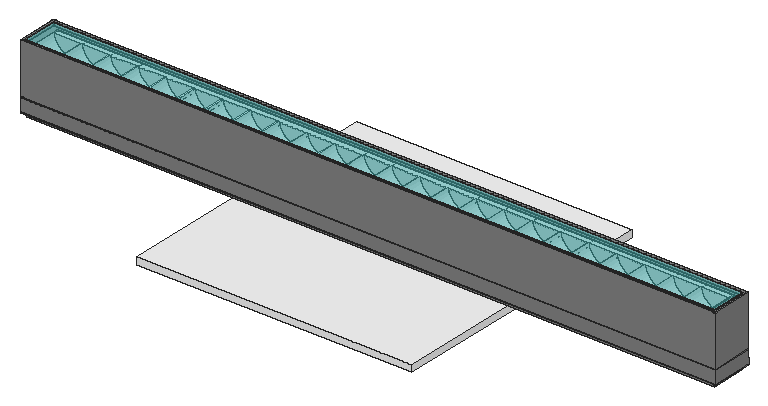
Revit family "BE_24316_de_DE", category Leuchten, Revit 2015
Parameters (values of type "BEGA_24316_Grafit_K4")
  built-in parameter 1150104 = 16.602 (stored number, unit not read)
  Wattage = 32 W
  Default Elevation = 0 mm
  built-in parameter 1150113 = 1 (stored number, unit not read)
  built-in parameter 1114218 = 1 (stored number, unit not read)
  Umgebungstemperatur = "25 °C"
  URL = "http://www.bega.de/produkt/24316"
  Typenkommentare = "© 2017 BEGA. Wir behalten uns das Recht vor, technische Änderungen ohne vorherige Ankündigung vorzunehmen."  # constant formula
  Type Image = 24316.png
  built-in parameter 1150134 = 12
  built-in parameter 1150109 = 1 (stored number, unit not read)
  Strom = ""
  built-in parameter 1150110 = 1 (stored number, unit not read)
  Spannung = 239.996 V
  Sonderanfertigung = no
  Seriennummer [instance] = "Hier können Sie die eindeutige Seriennummer für das Facility Management eintragen."
  Schutzklasse = "I"
  Schutzart = "IP 65"
  Scheinlast = 0 VA
  Produktdatenblatt = "http://www.bega.de/download/Xrfa/db/24316.db.de.pdf"
  Oberflächentemperatur = ""
  Neigungswinkel = 0.00°
  Modell = "24316K4"
  Material_17 = BEGA_Reflektor
  Material_15 = BEGA_Leuchtmedium_matt
  Material_11 = BEGA_Glas_opal
  Material_09 = BEGA_Glas_klar
  Material_06 = BEGA_Oberfläche_Edelstahl_gebürstet
  Material_05 = BEGA_Oberfläche_Aluminium Guss
  Material_03 = BEGA_Oberfläche_Weiss_matt
  Material_02 = BEGA_Oberfläche_Silber_matt
  Material_01 [instance] = BEGA_Oberfläche_Grafit_matt
  M_W = no
  M_G = yes
  M_A = no
  Logo = 0
  built-in parameter 1114217 = 1 (stored number, unit not read)
  built-in parameter 1150139 = (empty or 0)
  built-in parameter 1150105 = 455.06 (stored number, unit not read)
  built-in parameter 1150114 = 1 (stored number, unit not read)
  Lumens = 5718.4 lm
  built-in parameter 1150115 = 1 (stored number, unit not read)
  Leuchtenlichtstrom = "4052 lm"
  Leuchtenanzahl = ""
  Lebensdauerkriterien = "L70B50 @ 25 °C = 286000 h"
  Lastklassifizierung = Beleuchtung
  built-in parameter 1150112 = 1 (stored number, unit not read)
  Lampenlichtstrom = "5720 lm"
  Lampe = "LED 32 W"
  LED_Modulbezeichnung = "LED-0771/840"
  built-in parameter 1150142 = (empty or 0)
  Hersteller = "BEGA"  # constant formula
  Halbstreuwinkel = ""
  Gewicht = "6.25 kg"
  Gebrauchslageneinschränkung [instance] = ""
  Frequenz = "0/50-60 Hz"
  Farbwiedergabeindex = "Ra > 80"
  Farbtemperaturverschiebung bei Dämpfen der Lampe = <Keine Auswahl>
  Farbtemperatur = "4000 K"
  Color Filter = 16777215
  built-in parameter 1150133 = 10 (stored number, unit not read)
  Energieeffizienzklasse = "LED A++ - A"
  built-in parameter 1150137 = (empty or 0)
  built-in parameter 1150132 = (empty or 0)
  ENEC = ""
  Dimmbar [instance] = "DALI"
  Datei für fotometrisches Netz = "BE_24316K4.IES"
  CE_Konformität = "ja"
  Bestellnummer = "24316K4"
  Beschreibung_Sonderanfertigung = "Hier können Sie Informationen zur Sonderanfertigung eintragen."
  Beschreibung = "Deckenaufbau-Tiefstrahler"
  built-in parameter 1150106 = 4.5506 (stored number, unit not read)
  Befestigungsbohrung = "Ø 7 mm"
  Befestigungsabstand = "800 mm"
  Ballwurfsicher = ""
  BEGA_Intern_aus = yes
  BEGA_Intern_an = yes
  BEGA_Intern_Konstruktion = yes
  BEGA_Intern = yes
  BEGA_IES = yes
  BEGA_Dummy = no
  Anschlussleitung = ""
  Anschlussleistung [instance] = "36 W"
  Anschlusskasten = ""
  built-in parameter 1150107 = 4000 (stored number, unit not read)
  built-in parameter 1150102 = (empty or 0)
  built-in parameter 1150138 = (empty or 0)
  Aktualisierung = "2017-06-26T04:08:37"
  Abstand_zur_angestrahlten_Fläche [instance] = ""
  AC/DC = "AC/DC"
Types (2, lengths in mm): name | built-in parameter 1150104 | built-in parameter 1150134 | Modell | built-in parameter 1150105 | Lumens | Leuchtenlichtstrom | Lampenlichtstrom | LED_Modulbezeichnung | Farbtemperatur | Datei für fotometrisches Netz | Bestellnummer | built-in parameter 1150106 | built-in parameter 1150107
  BEGA_24316_Grafit_K4 | 16.602 (stored number, unit not read) | 12 | "24316K4" | 455.06 (stored number, unit not read) | 5718.4 lm | "4052 lm" | "5720 lm" | "LED-0771/840" | "4000 K" | "BE_24316K4.IES" | "24316K4" | 4.5506 (stored number, unit not read) | 4000 (stored number, unit not read)
  BEGA_24316_Grafit_K3 | 16.193 (stored number, unit not read) | (empty or 0) | "24316" | 443.85 (stored number, unit not read) | 5577.6 lm | "3953 lm" | "5580 lm" | "LED-0771/830" | "3000 K" | "BE_24316.IES" | "24316" | 4.4385 (stored number, unit not read) | 3000 (stored number, unit not read)
Reference planes
  plane 1 "Mitte (Vorne/Hinten)": y = 0
  plane 2: z = 0
  plane 3 "Mitte (Links/Rechts)": x = 0
  plane 4 "Links": x = -506
  plane 5 "Rechts": x = 506
  plane 6 "Unten": y = -30
  plane 7 "Oben": y = 30
  plane 8 "Vorne": z = 101
  plane 9 "Hinten": z = 0
Forms (mm)
  Extrusion 1, solid, material "BEGA_Platte_Weiss"
    sketch origin (0, -1119.2, 0) x (1, 0, 0) y (0, 1, 0)
      loop
        line (-200, 1319.2) -> (-200, 919.2) -> (200, 919.2) -> (200, 1319.2) -> (-200, 1319.2)
    from 0 to -10
  Extrusion 2, solid, material "BEGA_Dummy_matt", visible <- "BEGA_Dummy"
    sketch origin (80.095, -76.023, 0) x (1, 0, 0) y (0, 1, 0)
      loop
        line (-586.095, 106.023) -> (-586.095, 46.023) -> (425.905, 46.023) -> (425.905, 106.023) -> (-586.095, 106.023)
    from 0 to 101
Dimensions and locks
  plane 1 "Mitte (Vorne/Hinten)" to Extrusion 1 = 200 mm
  aligned and locked: plane 2 to Extrusion 1
  aligned and locked: level to Extrusion 1
Nested families
  nested 1: "BE_24316" at (0, 0, 0), type "BE_24316"
Connectors
  electrical at (0, 0, 0), driven by "Lastklassifizierung", driven by "Spannung", driven by "Scheinlast"
    settings: index 1, voltage 239.996 V, apparent load 0 VA, apparent load phase1 0 VA, apparent load phase2 0 VA, apparent load phase3 0 VA, power factor 1, load classification "Beleuchtung", number of poles 1, system type 31, power factor state 1, is connector primary yes, connector utility no, sub classification motor no, connector description ""
Definition of nested family "BE_24316"
  Parameters (values of type "BE_24316")
    Default Elevation = 1 mm
    URL = "http://www.bega.de/de/produkt"
    Type Comments = "© 2015 BEGA. Wir behalten uns das Recht vor, technische Änderungen ohne vorherige Ankündigung vorzunehmen. "  # constant formula
    Type Image = (empty or 0)
    Neigungswinkel_um_Z2 = 0.00°
    Neigungswinkel_um_Z1 = 0.00°
    Neigungswinkel_um_Y2 = 0.00°
    Neigungswinkel_um_Y1 = 0.00°
    Neigungswinkel_um_X2 = 0.00°
    Neigungswinkel_um_X1 = 0.00°
    Material_17 = none
    Material_15 = none
    Material_11 = none
    Material_09 = none
    Material_06 = none
    Material_05 = none
    Material_03 = none
    Material_02 = none
    Material_01 = none
    M_W = yes
    M_G = yes
    M_A = yes
    Länge_Platte = 1200 mm  # constant formula
    Höhe_Platte = -10 mm  # constant formula
    Manufacturer = "BEGA"  # constant formula
    Drehwinkel_um_Z2 = 0.00°
    Drehwinkel_um_Z1 = 0.00°
    Breite_Platte = 200 mm  # constant formula
  Reference planes
    plane 1 "Mitte (Oben/Unten)": y = 0
    plane 2: z = 0
    plane 3 "Mitte (Links/Rechts)": x = 0
    plane 4: z = 101
    plane 5: y = 30
    plane 6: y = -30
    plane 7: x = -506
    plane 8: x = 506
  Forms (mm)
    Extrusion 1, solid, detail levels medium
      sketch origin (0, 0, 0) x (1, 0, 0) y (0, 1, 0)
        loop
          line (-600, 100) -> (-600, -100) -> (600, -100) -> (600, 100) -> (-600, 100)
      from 0 to -10 <- "Höhe_Platte"
    Extrusion 2, solid, material <- "Material_17", detail levels medium+fine
      sketch origin (0, 0, 0) x (1, 0, 0) y (0, 0, 1)
        loop
          line (-219.896, 71.065) -> (-217.905, 71.065)
          arc (-217.905, 71.065) -> (-209.513, 79.101) -> (-205.033, 89.821) r 28.453
          arc (-205.033, 89.821) -> (-200.531, 79.07) -> (-192.095, 71.026) r 28.448
          line (-192.095, 71.026) -> (-190.104, 71.026)
          arc (-190.104, 71.026) -> (-200.884, 81.497) -> (-204.535, 96.076) r 27.451
          line (-204.535, 96.076) -> (-205.537, 96.076)
          arc (-205.537, 96.076) -> (-209.167, 81.533) -> (-219.896, 71.065) r 27.451
        loop
          arc (-231.11, 71.026) -> (-241.883, 81.493) -> (-245.534, 96.064) r 27.449
          line (-245.534, 96.064) -> (-246.421, 96.064)
          arc (-246.421, 96.064) -> (-250.067, 81.523) -> (-260.809, 71.066) r 27.448
          line (-260.809, 71.066) -> (-258.842, 71.066)
          arc (-258.842, 71.066) -> (-250.41, 79.217) -> (-245.979, 90.076) r 28.466
          arc (-245.979, 90.076) -> (-241.539, 79.189) -> (-233.077, 71.026) r 28.467
          line (-233.077, 71.026) -> (-231.11, 71.026)
        loop
          arc (245.487, 96.076) -> (241.847, 81.515) -> (231.092, 71.045) r 27.451
          line (231.092, 71.045) -> (233.084, 71.045)
          arc (233.084, 71.045) -> (241.527, 79.128) -> (246.008, 89.923) r 28.451
          arc (246.008, 89.923) -> (250.453, 79.153) -> (258.842, 71.066) r 28.466
          line (258.842, 71.066) -> (260.809, 71.066)
          arc (260.809, 71.066) -> (250.064, 81.528) -> (246.421, 96.076) r 27.448
          line (246.421, 96.076) -> (245.487, 96.076)
        loop
          arc (-176.905, 71.026) -> (-168.516, 79.04) -> (-164.018, 89.734) r 28.485
          arc (-164.018, 89.734) -> (-159.507, 79.033) -> (-151.095, 71.026) r 28.447
          line (-151.095, 71.026) -> (-149.107, 71.026)
          arc (-149.107, 71.026) -> (-159.887, 81.497) -> (-163.538, 96.076) r 27.451
          line (-163.538, 96.076) -> (-164.537, 96.076)
          arc (-164.537, 96.076) -> (-168.157, 81.51) -> (-178.896, 71.026) r 27.452
          line (-178.896, 71.026) -> (-176.905, 71.026)
        loop
          arc (-108.107, 71.026) -> (-118.887, 81.497) -> (-122.538, 96.076) r 27.451
          line (-122.538, 96.076) -> (-123.54, 96.076)
          arc (-123.54, 96.076) -> (-127.17, 81.533) -> (-137.899, 71.065) r 27.451
          line (-137.899, 71.065) -> (-135.908, 71.065)
          arc (-135.908, 71.065) -> (-127.516, 79.101) -> (-123.036, 89.821) r 28.453
          arc (-123.036, 89.821) -> (-118.534, 79.07) -> (-110.098, 71.026) r 28.448
          line (-110.098, 71.026) -> (-108.107, 71.026)
        loop
          line (-96.899, 71.065) -> (-94.908, 71.065)
          arc (-94.908, 71.065) -> (-86.517, 79.099) -> (-82.037, 89.818) r 28.453
          arc (-82.037, 89.818) -> (-77.535, 79.068) -> (-69.1, 71.026) r 28.448
          line (-69.1, 71.026) -> (-67.108, 71.026)
          arc (-67.108, 71.026) -> (-77.889, 81.497) -> (-81.539, 96.076) r 27.451
          line (-81.539, 96.076) -> (-82.54, 96.076)
          arc (-82.54, 96.076) -> (-86.17, 81.533) -> (-96.899, 71.065) r 27.451
        loop
          arc (55.889, 71.045) -> (45.134, 81.515) -> (41.494, 96.076) r 27.451
          line (41.494, 96.076) -> (40.492, 96.076)
          arc (40.492, 96.076) -> (36.851, 81.515) -> (26.097, 71.045) r 27.451
          line (26.097, 71.045) -> (28.088, 71.045)
          arc (28.088, 71.045) -> (36.502, 79.085) -> (40.993, 89.821) r 28.451
          arc (40.993, 89.821) -> (45.484, 79.085) -> (53.898, 71.045) r 28.451
          line (53.898, 71.045) -> (55.889, 71.045)
        loop
          line (67.097, 71.045) -> (69.088, 71.045)
          arc (69.088, 71.045) -> (77.501, 79.084) -> (81.992, 89.818) r 28.451
          arc (81.992, 89.818) -> (86.483, 79.084) -> (94.896, 71.045) r 28.451
          line (94.896, 71.045) -> (96.887, 71.045)
          arc (96.887, 71.045) -> (86.133, 81.515) -> (82.492, 96.076) r 27.451
          line (82.492, 96.076) -> (81.492, 96.076)
          arc (81.492, 96.076) -> (77.851, 81.515) -> (67.097, 71.045) r 27.451
        loop
          arc (14.886, 71.045) -> (4.133, 81.515) -> (0.494, 96.076) r 27.451
          line (0.494, 96.076) -> (-0.505, 96.076)
          arc (-0.505, 96.076) -> (-4.146, 81.506) -> (-14.9, 71.024) r 27.487
          line (-14.9, 71.024) -> (-12.912, 71.024)
          arc (-12.912, 71.024) -> (-4.497, 79.072) -> (-0.005, 89.816) r 28.486
          arc (-0.005, 89.816) -> (4.486, 79.083) -> (12.898, 71.045) r 28.449
          line (12.898, 71.045) -> (14.886, 71.045)
        loop
          line (-55.9, 71.065) -> (-53.909, 71.065)
          arc (-53.909, 71.065) -> (-45.519, 79.099) -> (-41.039, 89.816) r 28.453
          arc (-41.039, 89.816) -> (-36.536, 79.057) -> (-28.1, 71.004) r 28.485
          line (-28.1, 71.004) -> (-26.108, 71.004)
          arc (-26.108, 71.004) -> (-36.889, 81.488) -> (-40.539, 96.076) r 27.487
          line (-40.539, 96.076) -> (-41.541, 96.076)
          arc (-41.541, 96.076) -> (-45.172, 81.533) -> (-55.9, 71.065) r 27.451
        loop
          line (108.095, 71.045) -> (110.087, 71.045)
          arc (110.087, 71.045) -> (118.5, 79.085) -> (122.991, 89.821) r 28.451
          arc (122.991, 89.821) -> (127.482, 79.085) -> (135.896, 71.045) r 28.451
          line (135.896, 71.045) -> (137.887, 71.045)
          arc (137.887, 71.045) -> (127.133, 81.515) -> (123.492, 96.076) r 27.451
          line (123.492, 96.076) -> (122.49, 96.076)
          arc (122.49, 96.076) -> (118.85, 81.515) -> (108.095, 71.045) r 27.451
        loop
          line (149.098, 71.045) -> (151.086, 71.045)
          arc (151.086, 71.045) -> (159.5, 79.085) -> (163.99, 89.821) r 28.449
          arc (163.99, 89.821) -> (168.481, 79.085) -> (176.896, 71.045) r 28.449
          line (176.896, 71.045) -> (178.884, 71.045)
          arc (178.884, 71.045) -> (168.13, 81.515) -> (164.489, 96.076) r 27.451
          line (164.489, 96.076) -> (163.49, 96.076)
          arc (163.49, 96.076) -> (159.851, 81.515) -> (149.098, 71.045) r 27.451
        loop
          arc (219.884, 71.045) -> (209.13, 81.515) -> (205.489, 96.076) r 27.451
          line (205.489, 96.076) -> (204.487, 96.076)
          arc (204.487, 96.076) -> (200.847, 81.515) -> (190.092, 71.045) r 27.451
          line (190.092, 71.045) -> (192.084, 71.045)
          arc (192.084, 71.045) -> (200.498, 79.085) -> (204.988, 89.821) r 28.451
          arc (204.988, 89.821) -> (209.479, 79.085) -> (217.893, 71.045) r 28.451
          line (217.893, 71.045) -> (219.884, 71.045)
        loop
          arc (-272.023, 71.066) -> (-282.772, 81.527) -> (-286.418, 96.076) r 27.45
          line (-286.418, 96.076) -> (-287.42, 96.076)
          arc (-287.42, 96.076) -> (-291.06, 81.515) -> (-301.815, 71.045) r 27.451
          line (-301.815, 71.045) -> (-299.824, 71.045)
          arc (-299.824, 71.045) -> (-291.406, 79.09) -> (-286.917, 89.833) r 28.451
          arc (-286.917, 89.833) -> (-282.425, 79.102) -> (-274.014, 71.066) r 28.45
          line (-274.014, 71.066) -> (-272.023, 71.066)
        loop
          line (-315.014, 71.045) -> (-313.023, 71.045)
          arc (-313.023, 71.045) -> (-323.778, 81.515) -> (-327.418, 96.076) r 27.451
          line (-327.418, 96.076) -> (-328.417, 96.076)
          arc (-328.417, 96.076) -> (-332.058, 81.515) -> (-342.812, 71.045) r 27.451
          line (-342.812, 71.045) -> (-340.824, 71.045)
          arc (-340.824, 71.045) -> (-332.409, 79.085) -> (-327.918, 89.821) r 28.449
          arc (-327.918, 89.821) -> (-323.427, 79.085) -> (-315.014, 71.045) r 28.449
        loop
          line (-383.812, 71.045) -> (-381.821, 71.045)
          arc (-381.821, 71.045) -> (-373.407, 79.085) -> (-368.916, 89.821) r 28.451
          arc (-368.916, 89.821) -> (-364.425, 79.085) -> (-356.011, 71.045) r 28.451
          line (-356.011, 71.045) -> (-354.02, 71.045)
          arc (-354.02, 71.045) -> (-364.775, 81.515) -> (-368.415, 96.076) r 27.451
          line (-368.415, 96.076) -> (-369.417, 96.076)
          arc (-369.417, 96.076) -> (-373.058, 81.515) -> (-383.812, 71.045) r 27.451
        loop
          arc (-395.02, 71.045) -> (-405.775, 81.515) -> (-409.415, 96.076) r 27.451
          line (-409.415, 96.076) -> (-410.416, 96.076)
          arc (-410.416, 96.076) -> (-414.056, 81.515) -> (-424.811, 71.045) r 27.451
          line (-424.811, 71.045) -> (-422.819, 71.045)
          arc (-422.819, 71.045) -> (-414.407, 79.084) -> (-409.915, 89.818) r 28.451
          arc (-409.915, 89.818) -> (-405.424, 79.084) -> (-397.011, 71.045) r 28.451
          line (-397.011, 71.045) -> (-395.02, 71.045)
        loop
          arc (-436.019, 71.045) -> (-446.773, 81.515) -> (-450.414, 96.076) r 27.451
          line (-450.414, 96.076) -> (-451.416, 96.076)
          arc (-451.416, 96.076) -> (-455.056, 81.515) -> (-465.811, 71.045) r 27.451
          line (-465.811, 71.045) -> (-463.819, 71.045)
          arc (-463.819, 71.045) -> (-455.406, 79.085) -> (-450.915, 89.821) r 28.451
          arc (-450.915, 89.821) -> (-446.424, 79.085) -> (-438.01, 71.045) r 28.451
          line (-438.01, 71.045) -> (-436.019, 71.045)
        loop
          arc (-477.019, 71.045) -> (-487.773, 81.515) -> (-491.414, 96.076) r 27.451
          line (-491.414, 96.076) -> (-492.413, 96.076)
          arc (-492.413, 96.076) -> (-489.056, 81.768) -> (-479.007, 71.045) r 28.449
          line (-479.007, 71.045) -> (-477.019, 71.045)
        loop
          line (272.023, 71.066) -> (274.014, 71.066)
          arc (274.014, 71.066) -> (282.425, 79.102) -> (286.917, 89.833) r 28.45
          arc (286.917, 89.833) -> (291.406, 79.09) -> (299.824, 71.045) r 28.451
          line (299.824, 71.045) -> (301.815, 71.045)
          arc (301.815, 71.045) -> (291.06, 81.515) -> (287.42, 96.076) r 27.451
          line (287.42, 96.076) -> (286.418, 96.076)
          arc (286.418, 96.076) -> (282.772, 81.527) -> (272.023, 71.066) r 27.45
        loop
          arc (315.014, 71.045) -> (323.427, 79.085) -> (327.918, 89.821) r 28.449
          arc (327.918, 89.821) -> (332.409, 79.085) -> (340.824, 71.045) r 28.449
          line (340.824, 71.045) -> (342.812, 71.045)
          arc (342.812, 71.045) -> (332.058, 81.515) -> (328.417, 96.076) r 27.451
          line (328.417, 96.076) -> (327.418, 96.076)
          arc (327.418, 96.076) -> (323.778, 81.515) -> (313.023, 71.045) r 27.451
          line (313.023, 71.045) -> (315.014, 71.045)
        loop
          arc (383.812, 71.045) -> (373.058, 81.515) -> (369.417, 96.076) r 27.451
          line (369.417, 96.076) -> (368.415, 96.076)
          arc (368.415, 96.076) -> (364.775, 81.515) -> (354.02, 71.045) r 27.451
          line (354.02, 71.045) -> (356.011, 71.045)
          arc (356.011, 71.045) -> (364.425, 79.085) -> (368.916, 89.821) r 28.451
          arc (368.916, 89.821) -> (373.407, 79.085) -> (381.821, 71.045) r 28.451
          line (381.821, 71.045) -> (383.812, 71.045)
        loop
          line (395.02, 71.045) -> (397.011, 71.045)
          arc (397.011, 71.045) -> (405.424, 79.084) -> (409.915, 89.818) r 28.451
          arc (409.915, 89.818) -> (414.407, 79.084) -> (422.819, 71.045) r 28.451
          line (422.819, 71.045) -> (424.811, 71.045)
          arc (424.811, 71.045) -> (414.056, 81.515) -> (410.416, 96.076) r 27.451
          line (410.416, 96.076) -> (409.415, 96.076)
          arc (409.415, 96.076) -> (405.775, 81.515) -> (395.02, 71.045) r 27.451
        loop
          line (436.019, 71.045) -> (438.01, 71.045)
          arc (438.01, 71.045) -> (446.424, 79.085) -> (450.915, 89.821) r 28.451
          arc (450.915, 89.821) -> (455.406, 79.085) -> (463.819, 71.045) r 28.451
          line (463.819, 71.045) -> (465.811, 71.045)
          arc (465.811, 71.045) -> (455.056, 81.515) -> (451.416, 96.076) r 27.451
          line (451.416, 96.076) -> (450.414, 96.076)
          arc (450.414, 96.076) -> (446.773, 81.515) -> (436.019, 71.045) r 27.451
        loop
          line (477.019, 71.045) -> (479.007, 71.045)
          arc (479.007, 71.045) -> (489.056, 81.768) -> (492.413, 96.076) r 28.449
          line (492.413, 96.076) -> (491.414, 96.076)
          arc (491.414, 96.076) -> (487.773, 81.515) -> (477.019, 71.045) r 27.451
      from -21 to 21
    Sweep 3, solid, material <- "Material_01", detail levels medium+fine
      path origin (0, 0, 0) x (1, 0, 0) y (0, 1, 0)
        loop
          line (-506, 30) -> (-506, -30) -> (506, -30) -> (506, 30) -> (-506, 30)
      profile origin (0, 30, 0) x (0, 1, 0) y (0, 0, 1)
        loop
          line (-0.5, 101) -> (-3.044, 101) -> (-4.682, 96.5) -> (-8.994, 96.5) -> (-8.994, 94) -> (-2.8, 94) -> (-2.8, 26) -> (-0.5, 26)
          arc (-0.5, 26) -> (-0.146, 26.146) -> (0, 26.5) r 0.5
          line (0, 26.5) -> (0, 100.5)
          arc (0, 100.5) -> (-0.146, 100.854) -> (-0.5, 101) r 0.5
    Extrusion 4, solid, material <- "Material_01", detail levels medium+fine
      sketch origin (0, 0, 0) x (1, 0, 0) y (0, 0, 1)
        loop
          line (-492.413, 94) -> (-492.413, 96.5) -> (-498.789, 96.5) -> (-498.789, 94) -> (-492.413, 94)
        loop
          line (492.413, 94) -> (498.789, 94) -> (498.789, 96.5) -> (492.413, 96.5) -> (492.413, 94)
      from -22.05 to 22.05
    Extrusion 5, solid, material <- "Material_09", detail levels medium+fine
      sketch origin (0, 0, 0) x (0, 1, 0) y (0, 0, 1)
        loop
          line (25, 96.7) -> (25, 100.7) -> (-25, 100.7) -> (-25, 96.7) -> (25, 96.7)
      from -501.318 to 501.318
    Extrusion 6, solid, material <- "Material_15", detail levels medium+fine
      sketch origin (0, 13.25, 0) x (1, 0, 0) y (0, 1, 0)
        loop
          line (-228.7, 3.2) -> (-228.7, -3.2) -> (-222.3, -3.2) -> (-222.3, 3.2) -> (-228.7, 3.2)
        loop
          line (-187.7, 3.2) -> (-187.7, -3.2) -> (-181.3, -3.2) -> (-181.3, 3.2) -> (-187.7, 3.2)
        loop
          line (-146.703, 3.2) -> (-146.703, -3.2) -> (-140.303, -3.2) -> (-140.303, 3.2) -> (-146.703, 3.2)
        loop
          line (-105.703, 3.2) -> (-105.703, -3.2) -> (-99.303, -3.2) -> (-99.303, 3.2) -> (-105.703, 3.2)
        loop
          line (-64.704, 3.2) -> (-64.704, -3.2) -> (-58.304, -3.2) -> (-58.304, 3.2) -> (-64.704, 3.2)
        loop
          line (-23.704, 3.2) -> (-23.704, -3.2) -> (-17.304, -3.2) -> (-17.304, 3.2) -> (-23.704, 3.2)
        loop
          line (17.293, 3.2) -> (17.293, -3.2) -> (23.693, -3.2) -> (23.693, 3.2) -> (17.293, 3.2)
        loop
          line (58.293, 3.2) -> (58.293, -3.2) -> (64.693, -3.2) -> (64.693, 3.2) -> (58.293, 3.2)
        loop
          line (99.291, 3.2) -> (99.291, -3.2) -> (105.691, -3.2) -> (105.691, 3.2) -> (99.291, 3.2)
        loop
          line (140.291, 3.2) -> (140.291, -3.2) -> (146.691, -3.2) -> (146.691, 3.2) -> (140.291, 3.2)
        loop
          line (181.288, 3.2) -> (181.288, -3.2) -> (187.688, -3.2) -> (187.688, 3.2) -> (181.288, 3.2)
        loop
          line (222.288, 3.2) -> (222.288, -3.2) -> (228.688, -3.2) -> (228.688, 3.2) -> (222.288, 3.2)
        loop
          line (-269.7, 3.2) -> (-269.7, -3.2) -> (-263.3, -3.2) -> (-263.3, 3.2) -> (-269.7, 3.2)
        loop
          line (-310.7, 3.2) -> (-310.7, -3.2) -> (-304.3, -3.2) -> (-304.3, 3.2) -> (-310.7, 3.2)
        loop
          line (-351.7, 3.2) -> (-351.7, -3.2) -> (-345.3, -3.2) -> (-345.3, 3.2) -> (-351.7, 3.2)
        loop
          line (-392.7, 3.2) -> (-392.7, -3.2) -> (-386.3, -3.2) -> (-386.3, 3.2) -> (-392.7, 3.2)
        loop
          line (-433.7, 3.2) -> (-433.7, -3.2) -> (-427.3, -3.2) -> (-427.3, 3.2) -> (-433.7, 3.2)
        loop
          line (-474.7, 3.2) -> (-474.7, -3.2) -> (-468.3, -3.2) -> (-468.3, 3.2) -> (-474.7, 3.2)
        loop
          line (269.7, 3.2) -> (263.3, 3.2) -> (263.3, -3.2) -> (269.7, -3.2) -> (269.7, 3.2)
        loop
          line (310.7, 3.2) -> (304.3, 3.2) -> (304.3, -3.2) -> (310.7, -3.2) -> (310.7, 3.2)
        loop
          line (351.7, 3.2) -> (345.3, 3.2) -> (345.3, -3.2) -> (351.7, -3.2) -> (351.7, 3.2)
        loop
          line (392.7, 3.2) -> (386.3, 3.2) -> (386.3, -3.2) -> (392.7, -3.2) -> (392.7, 3.2)
        loop
          line (433.7, 3.2) -> (427.3, 3.2) -> (427.3, -3.2) -> (433.7, -3.2) -> (433.7, 3.2)
        loop
          line (474.7, 3.2) -> (468.3, 3.2) -> (468.3, -3.2) -> (474.7, -3.2) -> (474.7, 3.2)
      from 70 to 69.119
    Sweep 7, solid, material <- "Material_01", detail levels medium+fine
      path origin (0, 0, 0) x (1, 0, 0) y (0, 1, 0)
        loop
          line (506, 30) -> (-506, 30) -> (-506, -30) -> (506, -30) -> (506, 30)
      profile origin (0, 30, 0) x (0, -1, 0) y (0, 0, 1)
        loop
          arc (0, 6.5) -> (0.146, 6.146) -> (0.5, 6) r 0.5
          line (0.5, 6) -> (5, 6) -> (5, 0) -> (25, 0) -> (25, 10) -> (4, 10) -> (4, 26) -> (0, 26) -> (0, 6.5)
    Extrusion 8, solid, material <- "Material_01", detail levels medium+fine
      sketch origin (0, 0, 0) x (0, 1, 0) y (0, 0, 1)
        loop
          line (5, 10) -> (-5, 10) -> (-5, 0) -> (5, 0) -> (5, 10)
      from 484.291 to -481
    Extrusion 9, void
      sketch origin (0, 0, 0) x (1, 0, 0) y (0, 1, 0)
        loop
          arc (-80, 20) -> (-100, 0) -> (-80, -20) r 20
          line (-80, -20) -> (80, -20)
          arc (80, -20) -> (100, 0) -> (80, 20) r 20
          line (80, 20) -> (-80, 20)
        loop
          arc (395, 3.5) -> (391.5, 0) -> (395, -3.5) r 3.5
          line (395, -3.5) -> (405, -3.5)
          arc (405, -3.5) -> (408.5, 0) -> (405, 3.5) r 3.5
          line (405, 3.5) -> (395, 3.5)
        loop
          arc (-403.5, -5) -> (-400, -8.5) -> (-396.5, -5) r 3.5
          line (-396.5, -5) -> (-396.5, 5)
          arc (-396.5, 5) -> (-400, 8.5) -> (-403.5, 5) r 3.5
          line (-403.5, 5) -> (-403.5, -5)
      from 11.948 to -0.793
    Revolve 10, solid, material <- "Material_06", detail levels fine
      sketch origin (-300, 0, 0) x (0, 1, 0) y (0, 0, 1)
        loop
          line (30, 22.75) -> (30, 18.8) -> (32.2, 18.8) -> (32.2, 22.75) -> (30, 22.75)
        axis (30, 18.8) -> (32.2, 18.8)
      angle from 0 to 360
    Extrusion 11, solid, material <- "Material_17", detail levels medium+fine
      sketch origin (0, 0, 0) x (0, 1, 0) y (0, 0, 1)
        loop
          line (21, 96.045) -> (12.5, 96.045) -> (17.09, 71.045) -> (18.106, 71.045) -> (13.7, 95.045) -> (21, 95.045) -> (21, 96.045)
        loop
          line (-20, 96.045) -> (-21.259, 96.045)
          arc (-21.259, 96.045) -> (-8.634, 82.264) -> (6.314, 71.045) r 101.002
          line (6.314, 71.045) -> (8.25, 71.045)
          arc (8.25, 71.045) -> (-7.065, 82.201) -> (-20, 96.045) r 100.002
      from 493.259 to -493.07
    Revolve 12, solid, material <- "Material_06", detail levels fine
      sketch origin (300, 0, 0) x (0, 1, 0) y (0, 0, -1)
        loop
          line (30, -22.75) -> (32.2, -22.75) -> (32.2, -18.8) -> (30, -18.8) -> (30, -22.75)
        axis (30, -18.8) -> (32.2, -18.8)
      angle from 0 to 360
  Cuts and joins
    joined: Sweep 3, Extrusion 4
    Extrusion 9 cuts Sweep 7
    Extrusion 9 cuts Extrusion 8
    joined: Sweep 7, Extrusion 8
    joined: Extrusion 2, Extrusion 11
  Dimensions and locks
    equal spacing: Extrusion 1 sketch curve, plane 3 "Mitte (Links/Rechts)", Extrusion 1 sketch curve
    equal spacing: Extrusion 1 sketch curve, plane 1 "Mitte (Oben/Unten)", Extrusion 1 sketch curve
    "Länge_Platte": Extrusion 1 sketch curve to Extrusion 1 sketch curve
    "Breite_Platte": Extrusion 1 sketch curve to Extrusion 1 sketch curve
    aligned and locked: Extrusion 1 to plane 2
    aligned and locked: level to Extrusion 1
  Automatic sketch dimensions
    Sweep 3 sketch curve to plane 6 = 0 mm
    Sweep 3 sketch curve to plane 5 = 0 mm
    Sweep 3 sketch curve to profile plane = 0 mm
    profile plane to Sweep 3 sketch curve = 0.5 mm
    Sweep 3 sketch curve to Sweep 3 sketch curve = 0.5 mm
    Sweep 3 sketch curve to Sweep 3 sketch curve = 2.3 mm
    Sweep 3 sketch curve to Sweep 3 sketch curve = 2.544 mm
    Sweep 3 sketch curve to Sweep 3 sketch curve = 1.882 mm
    Sweep 3 sketch curve to Sweep 3 sketch curve = 4.312 mm
    level to Sweep 3 sketch curve = 26 mm
    Sweep 3 sketch curve to Sweep 3 sketch curve = 67.5 mm
    Sweep 3 sketch curve to Sweep 3 sketch curve = 2.5 mm
    Sweep 3 sketch curve to Sweep 3 sketch curve = 4 mm
    Extrusion 5 sketch curve to plane 6 = 5 mm
    Extrusion 5 sketch curve to plane 4 = 0.3 mm
    Extrusion 5 sketch curve to plane 5 = 5 mm
    Extrusion 5 sketch curve to Extrusion 5 sketch curve = 4 mm
    Sweep 7 sketch curve to plane 5 = 0 mm
    Sweep 7 sketch curve to plane 6 = 0 mm
    Sweep 7 sketch curve to profile plane = 0 mm
    Sweep 7 sketch curve to level = 0 mm
    Sweep 7 sketch curve to Sweep 7 sketch curve = 0.5 mm
    Sweep 7 sketch curve to Sweep 7 sketch curve = 4 mm  (x2)
    Sweep 7 sketch curve to Sweep 7 sketch curve = 1 mm
    Sweep 7 sketch curve to Sweep 7 sketch curve = 20 mm
    Sweep 7 sketch curve to Sweep 7 sketch curve = 6 mm
    Sweep 7 sketch curve to Sweep 7 sketch curve = 16 mm
    Extrusion 8 sketch curve to level = 0 mm
    plane 1 "Mitte (Oben/Unten)" to Extrusion 8 sketch curve = 5 mm
    Extrusion 8 sketch curve to plane 1 "Mitte (Oben/Unten)" = 5 mm
    Extrusion 8 sketch curve to Extrusion 8 sketch curve = 10 mm
    plane 1 "Mitte (Oben/Unten)" to Extrusion 9 sketch curve = 0 mm  (x2)
    plane 1 "Mitte (Oben/Unten)" to Extrusion 9 sketch curve = 5 mm
    Extrusion 9 sketch curve to Extrusion 9 sketch curve = 3.5 mm
    Extrusion 9 sketch curve to plane 6 = 10 mm
    Extrusion 9 sketch curve to plane 3 "Mitte (Links/Rechts)" = 80 mm
    plane 3 "Mitte (Links/Rechts)" to Extrusion 9 sketch curve = 80 mm
    plane 1 "Mitte (Oben/Unten)" to Extrusion 9 sketch curve = 3.5 mm
    Extrusion 9 sketch curve to Extrusion 9 sketch curve = 10 mm
    Extrusion 9 sketch curve to plane 1 "Mitte (Oben/Unten)" = 5 mm
    Extrusion 9 sketch curve to Extrusion 9 sketch curve = 0 mm
    Revolve 10 sketch curve to plane 5 = 0 mm
    Revolve 10 sketch curve to Revolve 10 sketch curve = 2.2 mm
    level to Revolve 10 sketch curve = 18.8 mm
    Revolve 10 sketch curve to Revolve 10 sketch curve = 3.95 mm
    Revolve 10 sketch curve to plane 5 = 2 mm
    Revolve 10 sketch curve to Revolve 10 sketch curve = 2 mm
    Revolve 10 sketch curve to Revolve 10 sketch curve = 0 mm
    Extrusion 11 sketch curve to Extrusion 11 sketch curve = 0 mm  (x3)
    Extrusion 11 sketch curve to plane 6 = 8.741 mm
    Extrusion 11 sketch curve to Extrusion 11 sketch curve = 1.259 mm
    Extrusion 11 sketch curve to plane 1 "Mitte (Oben/Unten)" = 6.314 mm
    Extrusion 11 sketch curve to Extrusion 11 sketch curve = 1.935 mm
    Extrusion 11 sketch curve to plane 4 = 4.955 mm  (x2)
    Extrusion 11 sketch curve to plane 1 "Mitte (Oben/Unten)" = 12.5 mm
    Extrusion 11 sketch curve to Extrusion 11 sketch curve = 1.2 mm
    Extrusion 11 sketch curve to Extrusion 11 sketch curve = 8.84 mm
    Extrusion 11 sketch curve to Extrusion 11 sketch curve = 1.017 mm
    Extrusion 11 sketch curve to Extrusion 11 sketch curve = 7.3 mm
    Extrusion 11 sketch curve to Extrusion 11 sketch curve = 1 mm
    Extrusion 11 sketch curve to Extrusion 11 sketch curve = 24 mm
    Revolve 12 sketch curve to plane 5 = 0 mm
    Revolve 12 sketch curve to Revolve 12 sketch curve = 2.2 mm
    level to Revolve 12 sketch curve = 22.75 mm
    Revolve 12 sketch curve to Revolve 12 sketch curve = 3.95 mm
    Revolve 12 sketch curve to plane 5 = 2 mm
    Revolve 12 sketch curve to Revolve 12 sketch curve = 2 mm
    Revolve 12 sketch curve to Revolve 12 sketch curve = 0 mm
    Extrusion 2 sketch curve to Extrusion 2 sketch curve = 0 mm  (x102)
    Extrusion 2 sketch curve to plane 4 = 4.924 mm  (x23)
    Extrusion 2 sketch curve to Extrusion 2 sketch curve = 0.999 mm  (x5)
    Extrusion 2 sketch curve to Extrusion 2 sketch curve = 12.407 mm
    Extrusion 2 sketch curve to plane 4 = 5.8 mm  (x39)
    Extrusion 2 sketch curve to Extrusion 2 sketch curve = 12.561 mm  (x41)
    Extrusion 2 sketch curve to Extrusion 2 sketch curve = 1.988 mm  (x9)
    Extrusion 2 sketch curve to Extrusion 2 sketch curve = 11.208 mm  (x19)
    Extrusion 2 sketch curve to Extrusion 2 sketch curve = 1.991 mm  (x36)
    Extrusion 2 sketch curve to Extrusion 2 sketch curve = 1.002 mm  (x12)
    Extrusion 2 sketch curve to Extrusion 2 sketch curve = 25.81 mm  (x14)
    Extrusion 2 sketch curve to Extrusion 2 sketch curve = 14.875 mm  (x20)
    Extrusion 2 sketch curve to Extrusion 2 sketch curve = 1 mm  (x4)
    Extrusion 2 sketch curve to Extrusion 2 sketch curve = 25.808 mm  (x4)
    Extrusion 2 sketch curve to plane 4 = 5.83 mm
    Extrusion 2 sketch curve to Extrusion 2 sketch curve = 12.432 mm  (x3)
    Extrusion 2 sketch curve to Extrusion 2 sketch curve = 0.13 mm  (x3)
    Extrusion 2 sketch curve to plane 4 = 4.936 mm
    Extrusion 2 sketch curve to Extrusion 2 sketch curve = 12.56 mm  (x3)
    Extrusion 2 sketch curve to Extrusion 2 sketch curve = 0.887 mm
    Extrusion 2 sketch curve to Extrusion 2 sketch curve = 25.764 mm
    Extrusion 2 sketch curve to Extrusion 2 sketch curve = 1.968 mm  (x3)
    Extrusion 2 sketch curve to Extrusion 2 sketch curve = 11.214 mm  (x3)
    Extrusion 2 sketch curve to plane 4 = 5.805 mm
    Extrusion 2 sketch curve to plane 4 = 5.802 mm  (x3)
    Extrusion 2 sketch curve to plane 3 "Mitte (Links/Rechts)" = 13.067 mm
    Extrusion 2 sketch curve to plane 3 "Mitte (Links/Rechts)" = 0.505 mm
    plane 3 "Mitte (Links/Rechts)" to Extrusion 2 sketch curve = 0.494 mm
    plane 3 "Mitte (Links/Rechts)" to Extrusion 2 sketch curve = 12.898 mm
    Extrusion 2 sketch curve to Extrusion 2 sketch curve = 11.211 mm  (x2)
    Extrusion 2 sketch curve to plane 4 = 5.784 mm  (x2)
    Extrusion 2 sketch curve to Extrusion 2 sketch curve = 0.019 mm
    Extrusion 2 sketch curve to Extrusion 2 sketch curve = 0.041 mm
    Extrusion 2 sketch curve to Extrusion 2 sketch curve = 0.043 mm
    Extrusion 2 sketch curve to Extrusion 2 sketch curve = 0.046 mm
    Extrusion 2 sketch curve to Extrusion 2 sketch curve = 0.002 mm  (x2)
    Extrusion 2 sketch curve to Extrusion 2 sketch curve = 0.158 mm
    Extrusion 2 sketch curve to Extrusion 2 sketch curve = 0.934 mm
    Extrusion 4 sketch curve to plane 4 = 7 mm  (x2)
    Extrusion 4 sketch curve to Extrusion 4 sketch curve = 6.376 mm  (x2)
    Extrusion 4 sketch curve to Extrusion 4 sketch curve = 2.5 mm  (x2)
    Extrusion 6 sketch curve to plane 1 "Mitte (Oben/Unten)" = 10.05 mm  (x15)
    Extrusion 6 sketch curve to Extrusion 6 sketch curve = 6.4 mm  (x48)
    Extrusion 6 sketch curve to Extrusion 6 sketch curve = 34.6 mm  (x17)
    Extrusion 6 sketch curve to plane 5 = 13.55 mm  (x9)
    Extrusion 6 sketch curve to Extrusion 6 sketch curve = 34.597 mm  (x2)
    Extrusion 6 sketch curve to Extrusion 6 sketch curve = 34.599 mm  (x2)
    Extrusion 6 sketch curve to plane 3 "Mitte (Links/Rechts)" = 23.704 mm
    plane 3 "Mitte (Links/Rechts)" to Extrusion 6 sketch curve = 17.293 mm
    Extrusion 2 sketch curve to plane 3 "Mitte (Links/Rechts)" = 14.9 mm
    Extrusion 2 sketch curve to Extrusion 2 sketch curve = 14.911 mm
    Sweep 3 sketch curve to plane 3 "Mitte (Links/Rechts)" = 506 mm
    Extrusion 4 sketch curve to plane 3 "Mitte (Links/Rechts)" = 492.413 mm
    Sweep 7 sketch curve to plane 3 "Mitte (Links/Rechts)" = 506 mm
    Extrusion 9 sketch curve to Extrusion 9 sketch curve = 316.5 mm
    Extrusion 2 sketch curve to Extrusion 2 sketch curve = 25.758 mm
    Extrusion 2 sketch curve to plane 4 = 5.78 mm
    plane 3 "Mitte (Links/Rechts)" to Sweep 3 sketch curve = 506 mm
    plane 3 "Mitte (Links/Rechts)" to Extrusion 4 sketch curve = 492.413 mm
    Extrusion 6 sketch curve to Extrusion 6 sketch curve = 34.612 mm
    plane 3 "Mitte (Links/Rechts)" to Sweep 7 sketch curve = 506 mm
    Extrusion 9 sketch curve to Extrusion 9 sketch curve = 315 mm
